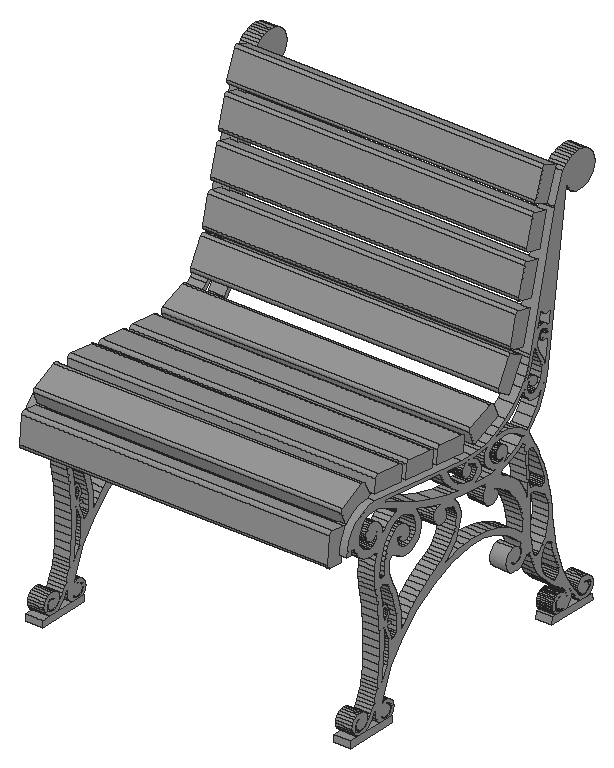
Revit family "Скамейка чугунная «Классика» Арт 7197", category Антураж, Revit 2018
Family settings
  На основе рабочей плоскости = Нет
  Всегда вертикально = Да
  При загрузке вырезать с полостями = Нет
  Источник визуального образа = Геометрия семейства
  Общий = Нет
  Точка расчета площади = Нет
Parameters (values of type "Версия 0,6 м (кресло)")
  Ширина = 620 mm  # constant formula
  Цвет сидения = Дерево
  Цвет опор = Сталь
  Средняя опора = or([Версия 2,0 м (3 опоры)], ([Версия 3,0 м (3 опоры)]))  # no
  Описание = if([Версия 0,6 м (кресло)], "Скамейка стальная «Классика». Версия 0,6 м (кресло)", if([Версия 1,5 м], "Скамейка стальная «Классика». Версия 1,5 м", if([Версия 1,8 м], "Скамейка стальная «Классика». Версия 1,8 м", if([Версия 2,0 м (2 опоры)], "Скамейка стальная «Классика». Версия 2,0 м (2 опоры)", if([Версия 2,0 м (3 опоры)], "Скамейка стальная «Классика». Версия 2,0 м (3 опоры)", "Скамейка стальная «Классика». Версия 3,0 м (3 опоры)")))))  # "Скамейка стальная «Классика». Версия 0,6 м (кресло)"
  Материал изделия = "Сталь, чугун, дерево"  # constant formula
  Изображение типоразмера = Скамейка чугунная «Классика» Арт 7197.jpg
  Изготовитель = "ООО «Хоббика»"  # constant formula
  Длина = if([Версия 0,6 м (кресло)], 600 mm, if([Версия 1,5 м], 1500 mm, if([Версия 1,8 м], 1800 mm, if([Версия 2,0 м (2 опоры)], 2000 mm, if([Версия 2,0 м (3 опоры)], 2000 mm, 3000 mm)))))  # 600 mm
  Группа модели = "Садовые скамейки"  # constant formula
  Высота = 820 mm  # constant formula
  Версия 3,0 м (3 опоры) = not(or([Версия 0,6 м (кресло)], [Версия 1,5 м], [Версия 1,8 м], [Версия 2,0 м (2 опоры)], [Версия 2,0 м (3 опоры)]))  # no
  Версия 2,0 м (3 опоры) = no
  Версия 2,0 м (2 опоры) = no
  Версия 1,8 м = no
  Версия 1,5 м = no
  Версия 0,6 м (кресло) = yes
  Артикул товара = "Арт. 7197"  # constant formula
  URL = "https://hobbyka.ru/product/skameika_chugunnaia_klassika/"
Types (7, lengths in mm): name | Средняя опора | Описание | Длина | Версия 3,0 м (3 опоры) | Версия 2,0 м (3 опоры) | Версия 2,0 м (2 опоры) | Версия 1,8 м | Версия 1,5 м | Версия 0,6 м (кресло)
  (no name) | no | "Скамейка стальная «Классика». Версия 0,6 м (кресло)" | 600 | no | no | no | no | no | yes
  Версия 0,6 м (кресло) | no | "Скамейка стальная «Классика». Версия 0,6 м (кресло)" | 600 | no | no | no | no | no | yes
  Версия 1,5 м | no | "Скамейка стальная «Классика». Версия 1,5 м" | 1500 | no | no | no | no | yes | no
  Версия 1,8 м | no | "Скамейка стальная «Классика». Версия 1,8 м" | 1800 | no | no | no | yes | no | no
  Версия 2,0 м (2 опоры) | no | "Скамейка стальная «Классика». Версия 2,0 м (2 опоры)" | 2000 | no | no | yes | no | no | no
  Версия 2,0 м (3 опоры) | yes | "Скамейка стальная «Классика». Версия 2,0 м (3 опоры)" | 2000 | no | yes | no | no | no | no
  Версия 3,0 м (3 опоры) | yes | "Скамейка стальная «Классика». Версия 3,0 м (3 опоры)" | 3000 | yes | no | no | no | no | no
Reference planes
  plane 1 "По центру (Вперед/Назад)": y = 0
  plane 2: z = 0
  plane 3 "По центру (Влево/Вправо)": x = 0
  plane 4: x = 600
  plane 5: y = 620
  plane 6: z = 820
Forms (mm)
  Extrusion 1, solid, material "Дерево" <- "Цвет сидения"
    sketch origin (0, 0, 0) x (0, 1, 0) y (0, 0, 1)
      loop
        line (523.947, 727.041) -> (545.545, 786.366) -> (521.114, 795.261)
        arc (521.114, 795.261) -> (516.526, 795.061) -> (513.423, 791.675) r 6
        line (513.423, 791.675) -> (495.93, 743.627)
        arc (495.93, 743.627) -> (496.13, 739.039) -> (499.515, 735.936) r 6
        line (499.515, 735.936) -> (523.947, 727.041)
      loop
        line (505.716, 655.322) -> (521.315, 716.499) -> (496.121, 722.923)
        arc (496.121, 722.923) -> (491.576, 722.268) -> (488.825, 718.592) r 6
        line (488.825, 718.592) -> (476.19, 669.043)
        arc (476.19, 669.043) -> (476.845, 664.498) -> (480.522, 661.746) r 6
        line (480.522, 661.746) -> (505.716, 655.322)
      loop
        line (486.077, 578.306) -> (501.677, 639.483) -> (476.483, 645.907)
        arc (476.483, 645.907) -> (471.937, 645.252) -> (469.186, 641.576) r 6
        line (469.186, 641.576) -> (456.552, 592.027)
        arc (456.552, 592.027) -> (457.206, 587.482) -> (460.883, 584.731) r 6
        line (460.883, 584.731) -> (486.077, 578.306)
      loop
        line (466.488, 501.484) -> (482.088, 562.661) -> (456.894, 569.085)
        arc (456.894, 569.085) -> (452.348, 568.43) -> (449.597, 564.754) r 6
        line (449.597, 564.754) -> (436.963, 515.205)
        arc (436.963, 515.205) -> (437.617, 510.66) -> (441.294, 507.908) r 6
        line (441.294, 507.908) -> (466.488, 501.484)
      loop
        line (432.495, 433.679) -> (462.929, 488.993) -> (440.149, 501.527)
        arc (440.149, 501.527) -> (435.585, 502.032) -> (432, 499.162) r 6
        line (432, 499.162) -> (407.35, 454.361)
        arc (407.35, 454.361) -> (406.845, 449.797) -> (409.715, 446.212) r 6
        line (409.715, 446.212) -> (432.495, 433.679)
      loop
        line (345.469, 384.26) -> (403.963, 408.017) -> (394.179, 432.106)
        arc (394.179, 432.106) -> (390.954, 435.376) -> (386.362, 435.407) r 6
        line (386.362, 435.407) -> (338.986, 416.165)
        arc (338.986, 416.165) -> (335.717, 412.941) -> (335.685, 408.349) r 6
        line (335.685, 408.349) -> (345.469, 384.26)
      loop
        line (256.681, 387.185) -> (319.593, 381.892) -> (321.773, 407.8)
        arc (321.773, 407.8) -> (320.377, 412.175) -> (316.297, 414.282) r 6
        line (316.297, 414.282) -> (265.343, 418.569)
        arc (265.343, 418.569) -> (260.968, 417.174) -> (258.861, 413.093) r 6
        line (258.861, 413.093) -> (256.681, 387.185)
      loop
        line (181.063, 395.131) -> (243.851, 388.532) -> (246.569, 414.39)
        arc (246.569, 414.39) -> (245.264, 418.793) -> (241.229, 420.984) r 6
        line (241.229, 420.984) -> (190.375, 426.329)
        arc (190.375, 426.329) -> (185.972, 425.025) -> (183.78, 420.989) r 6
        line (183.78, 420.989) -> (181.063, 395.131)
      loop
        line (105.478, 403.076) -> (168.267, 396.476) -> (170.984, 422.334)
        arc (170.984, 422.334) -> (169.68, 426.737) -> (165.644, 428.928) r 6
        line (165.644, 428.928) -> (114.79, 434.273)
        arc (114.79, 434.273) -> (110.387, 432.969) -> (108.196, 428.933) r 6
        line (108.196, 428.933) -> (105.478, 403.076)
      loop
        line (35.627, 380.779) -> (92.432, 408.33) -> (81.086, 431.723)
        arc (81.086, 431.723) -> (77.654, 434.774) -> (73.069, 434.504) r 6
        line (73.069, 434.504) -> (27.061, 412.189)
        arc (27.061, 412.189) -> (24.011, 408.757) -> (24.281, 404.172) r 6
        line (24.281, 404.172) -> (35.627, 380.779)
      loop
        line (22.678, 319.008) -> (28.757, 381.848) -> (2.878, 384.352)
        arc (2.878, 384.352) -> (-1.514, 383.011) -> (-3.672, 378.958) r 6
        line (-3.672, 378.958) -> (-8.595, 328.061)
        arc (-8.595, 328.061) -> (-7.255, 323.669) -> (-3.201, 321.511) r 6
        line (-3.201, 321.511) -> (22.678, 319.008)
    from 0 to 600
Dimensions and locks
  "Длина": plane 3 "По центру (Влево/Вправо)" to plane 4
  "Ширина": plane 1 "По центру (Вперед/Назад)" to plane 5
  equal spacing: plane 3 "По центру (Влево/Вправо)", nested 3, plane 4
  "Высота": plane 6 to level
  aligned and locked: level to plane 2
  aligned and locked: plane 3 "По центру (Влево/Вправо)" to nested 1
  aligned and locked: plane 1 "По центру (Вперед/Назад)" to nested 1
  aligned and locked: plane 1 "По центру (Вперед/Назад)" to nested 2
  aligned and locked: plane 4 to nested 2
  aligned and locked: plane 1 "По центру (Вперед/Назад)" to nested 3
  aligned and locked: Extrusion 1 to plane 3 "По центру (Влево/Вправо)"
  aligned and locked: plane 4 to Extrusion 1
Automatic sketch dimensions
  plane 1 "По центру (Вперед/Назад)" to Extrusion 1 sketch curve = 8.595 mm
  plane 1 "По центру (Вперед/Назад)" to Extrusion 1 sketch curve = 3.672 mm
  plane 1 "По центру (Вперед/Назад)" to Extrusion 1 sketch curve = 3.201 mm
  plane 1 "По центру (Вперед/Назад)" to Extrusion 1 sketch curve = 2.623 mm
  Extrusion 1 sketch curve to plane 1 "По центру (Вперед/Назад)" = 2.301 mm
  Extrusion 1 sketch curve to plane 1 "По центру (Вперед/Назад)" = 2.878 mm
  Extrusion 1 sketch curve to plane 1 "По центру (Вперед/Назад)" = 22.678 mm
  Extrusion 1 sketch curve to plane 1 "По центру (Вперед/Назад)" = 24.281 mm
  Extrusion 1 sketch curve to Extrusion 1 sketch curve = 2.78 mm
  Extrusion 1 sketch curve to Extrusion 1 sketch curve = 4.477 mm
  Extrusion 1 sketch curve to Extrusion 1 sketch curve = 5.399 mm  (x2)
  Extrusion 1 sketch curve to Extrusion 1 sketch curve = 6.87 mm
  Extrusion 1 sketch curve to Extrusion 1 sketch curve = 46.008 mm
  Extrusion 1 sketch curve to Extrusion 1 sketch curve = 2.618 mm  (x3)
  Extrusion 1 sketch curve to Extrusion 1 sketch curve = 11.346 mm
  Extrusion 1 sketch curve to Extrusion 1 sketch curve = 13.046 mm
  Extrusion 1 sketch curve to Extrusion 1 sketch curve = 15.764 mm
  Extrusion 1 sketch curve to Extrusion 1 sketch curve = 5.967 mm  (x4)
  Extrusion 1 sketch curve to Extrusion 1 sketch curve = 0.627 mm  (x8)
  Extrusion 1 sketch curve to Extrusion 1 sketch curve = 50.854 mm  (x2)
  Extrusion 1 sketch curve to Extrusion 1 sketch curve = 3.249 mm  (x2)
  Extrusion 1 sketch curve to Extrusion 1 sketch curve = 12.796 mm  (x2)
  Extrusion 1 sketch curve to Extrusion 1 sketch curve = 12.83 mm
  Extrusion 1 sketch curve to Extrusion 1 sketch curve = 12.292 mm
  Extrusion 1 sketch curve to Extrusion 1 sketch curve = 5.979 mm  (x2)
  Extrusion 1 sketch curve to Extrusion 1 sketch curve = 0.503 mm  (x4)
  Extrusion 1 sketch curve to Extrusion 1 sketch curve = 50.954 mm
  Extrusion 1 sketch curve to Extrusion 1 sketch curve = 3.799 mm
  Extrusion 1 sketch curve to Extrusion 1 sketch curve = 13.913 mm
  Extrusion 1 sketch curve to Extrusion 1 sketch curve = 3.301 mm
  Extrusion 1 sketch curve to Extrusion 1 sketch curve = 5.559 mm  (x2)
  Extrusion 1 sketch curve to Extrusion 1 sketch curve = 25.876 mm
  Extrusion 1 sketch curve to Extrusion 1 sketch curve = 47.376 mm
  Extrusion 1 sketch curve to Extrusion 1 sketch curve = 2.258 mm  (x3)
  Extrusion 1 sketch curve to Extrusion 1 sketch curve = 9.784 mm
  Extrusion 1 sketch curve to Extrusion 1 sketch curve = 13.172 mm
  Extrusion 1 sketch curve to Extrusion 1 sketch curve = 2.365 mm
  Extrusion 1 sketch curve to Extrusion 1 sketch curve = 2.892 mm  (x2)
  Extrusion 1 sketch curve to Extrusion 1 sketch curve = 24.649 mm
  Extrusion 1 sketch curve to Extrusion 1 sketch curve = 22.78 mm  (x2)
  Extrusion 1 sketch curve to Extrusion 1 sketch curve = 4.963 mm
  Extrusion 1 sketch curve to Extrusion 1 sketch curve = 5.257 mm  (x3)
  Extrusion 1 sketch curve to Extrusion 1 sketch curve = 1.145 mm
  Extrusion 1 sketch curve to Extrusion 1 sketch curve = 1.483 mm  (x6)
  Extrusion 1 sketch curve to Extrusion 1 sketch curve = 12.635 mm  (x3)
  Extrusion 1 sketch curve to Extrusion 1 sketch curve = 5.814 mm  (x9)
  Extrusion 1 sketch curve to Extrusion 1 sketch curve = 6.955 mm
  Extrusion 1 sketch curve to Extrusion 1 sketch curve = 4.331 mm  (x2)
  Extrusion 1 sketch curve to Extrusion 1 sketch curve = 3.559 mm
  Extrusion 1 sketch curve to Extrusion 1 sketch curve = 7.004 mm
  Extrusion 1 sketch curve to Extrusion 1 sketch curve = 25.194 mm  (x3)
  Extrusion 1 sketch curve to Extrusion 1 sketch curve = 3.99 mm
  Extrusion 1 sketch curve to Extrusion 1 sketch curve = 7.105 mm
  Extrusion 1 sketch curve to Extrusion 1 sketch curve = 3.585 mm
  Extrusion 1 sketch curve to Extrusion 1 sketch curve = 2.053 mm  (x2)
  Extrusion 1 sketch curve to Extrusion 1 sketch curve = 4.039 mm
  Extrusion 1 sketch curve to Extrusion 1 sketch curve = 17.493 mm
  Extrusion 1 sketch curve to Extrusion 1 sketch curve = 5.638 mm  (x3)
  Extrusion 1 sketch curve to Extrusion 1 sketch curve = 2.632 mm
  Extrusion 1 sketch curve to Extrusion 1 sketch curve = 24.431 mm
  level to Extrusion 1 sketch curve = 319.008 mm
  Extrusion 1 sketch curve to Extrusion 1 sketch curve = 2.504 mm
  Extrusion 1 sketch curve to Extrusion 1 sketch curve = 5.972 mm  (x2)
  Extrusion 1 sketch curve to Extrusion 1 sketch curve = 1.07 mm
  Extrusion 1 sketch curve to Extrusion 1 sketch curve = 1.113 mm
  Extrusion 1 sketch curve to Extrusion 1 sketch curve = 2.368 mm
  Extrusion 1 sketch curve to Extrusion 1 sketch curve = 5.293 mm
  Extrusion 1 sketch curve to Extrusion 1 sketch curve = 1.347 mm
  Extrusion 1 sketch curve to Extrusion 1 sketch curve = 6.599 mm  (x2)
  Extrusion 1 sketch curve to Extrusion 1 sketch curve = 1.345 mm
  Extrusion 1 sketch curve to Extrusion 1 sketch curve = 22.324 mm
  Extrusion 1 sketch curve to Extrusion 1 sketch curve = 23.758 mm
  Extrusion 1 sketch curve to Extrusion 1 sketch curve = 1.573 mm
  Extrusion 1 sketch curve to Extrusion 1 sketch curve = 14.106 mm
  Extrusion 1 sketch curve to Extrusion 1 sketch curve = 12.491 mm
  Extrusion 1 sketch curve to Extrusion 1 sketch curve = 6.382 mm
  Extrusion 1 sketch curve to Extrusion 1 sketch curve = 15.646 mm  (x2)
  Extrusion 1 sketch curve to Extrusion 1 sketch curve = 15.839 mm  (x2)
  Extrusion 1 sketch curve to Extrusion 1 sketch curve = 10.543 mm
  Extrusion 1 sketch curve to Extrusion 1 sketch curve = 13.013 mm
Nested families
  nested 1: "Скамейка чугунная «Классика» Арт 7197 опора" at (0, 0, 0), type "Скамейка чугунная «Классика» Арт 7197 опора"
  nested 2: "Скамейка чугунная «Классика» Арт 7197 опора" at (600, 0, 0), type "Скамейка чугунная «Классика» Арт 7197 опора"
  nested 3: "Скамейка чугунная «Классика» Арт 7197 опора" at (300, 0, 0), visible <- "Средняя опора", type "Скамейка чугунная «Классика» Арт 7197 опора"
Definition of nested family "Скамейка чугунная «Классика» Арт 7197 опора"
  Parameters (values of type "Скамейка чугунная «Классика» Арт 7197 опора")
    Цвет опор = none
    Height = 0 mm
  Reference planes
    plane 1 "По центру (Вперед/Назад)": y = 0
    plane 2: z = 0
    plane 3 "По центру (Влево/Вправо)": x = 0
  Forms (mm)
    Extrusion 1, solid, material <- "Цвет опор"
      sketch origin (0, 0, 0) x (0, 1, 0) y (0, 0, 1)
        loop
          line (614.835, 0) -> (612.485, 12.565) -> (596.253, 12.565) -> (584.342, 12.565) -> (548.056, 12.566) -> (526.484, 12.565) -> (518.485, 12.565) -> (516.135, 0) -> (614.835, 0)
        loop
          line (126.954, 12.564) -> (26.063, 12.564) -> (26.063, 0) -> (126.954, 0) -> (126.954, 12.564)
      from -16 to 16
    Extrusion 2, solid, material <- "Цвет опор"
      sketch origin (0, 0, 0) x (0, 1, 0) y (0, 0, 1)
        loop
          line (292.533, 280.179) -> (290.717, 272.847) -> (288.301, 265.691) -> (285.304, 258.758) -> (281.745, 252.096) -> (277.649, 245.75) -> (273.044, 239.763) -> (267.961, 234.177) -> (262.434, 229.029) -> (256.501, 224.354) -> (250.204, 220.184) -> (243.583, 216.548) -> (266.657, 224.99) -> (290.376, 231.286) -> (304.024, 233.802) -> (317.797, 235.225) -> (331.64, 235.551) -> (345.465, 234.778) -> (359.185, 232.912) -> (372.715, 229.964) -> (385.967, 225.953) -> (398.861, 220.903) -> (411.313, 214.848) -> (423.246, 207.824) -> (434.584, 199.876) -> (445.652, 190.728) -> (445.74, 201.906) -> (444.716, 213.038) -> (442.591, 224.012) -> (439.385, 234.722) -> (435.13, 245.059) -> (429.868, 254.922) -> (423.652, 264.213) -> (416.542, 272.839) -> (408.61, 280.716) -> (399.935, 287.766) -> (390.601, 293.918) -> (380.702, 299.111) -> (378.469, 299.843) -> (376.128, 300.037) -> (373.805, 299.684) -> (371.627, 298.802) -> (369.712, 297.441) -> (368.165, 295.672) -> (371.218, 297.854) -> (374.897, 298.597) -> (378.557, 297.771) -> (381.56, 295.52) -> (383.38, 292.238) -> (383.699, 288.499) -> (381.785, 282.718) -> (377.825, 278.091) -> (372.408, 275.309) -> (366.341, 274.784) -> (360.527, 276.596) -> (355.831, 280.475) -> (353.165, 284.113) -> (351.257, 288.201) -> (350.182, 292.582) -> (349.98, 297.089) -> (350.659, 301.549) -> (352.193, 305.791) -> (354.523, 309.654) -> (354.647, 311.907) -> (354.061, 314.086) -> (352.824, 315.974) -> (351.059, 317.381) -> (348.944, 318.167) -> (346.689, 318.253) -> (305.314, 320.88) -> (274.801, 325.51) -> (277.739, 323.792) -> (282.987, 319.302) -> (287.354, 313.951) -> (290.701, 307.909) -> (292.922, 301.369) -> (293.945, 294.539) -> (293.739, 287.635) -> (292.533, 280.179)
        loop
          line (221.882, 215.302) -> (230.243, 220.446) -> (238.769, 225.313) -> (245.027, 228.75) -> (250.636, 232.464) -> (255.92, 236.627) -> (260.842, 241.212) -> (265.37, 246.188) -> (269.472, 251.52) -> (273.12, 257.172) -> (276.289, 263.105) -> (278.958, 269.28) -> (281.11, 275.654) -> (282.728, 282.183) -> (283.763, 288.586) -> (284.079, 292.705) -> (283.702, 296.819) -> (282.642, 300.812) -> (280.931, 304.572) -> (278.615, 307.993) -> (275.76, 310.979) -> (272.446, 313.446) -> (268.767, 315.325) -> (264.825, 316.563) -> (260.732, 317.124) -> (256.603, 316.994) -> (252.554, 316.175) -> (254.395, 315.153) -> (256.006, 313.796) -> (257.326, 312.155) -> (258.305, 310.29) -> (258.908, 308.272) -> (259.111, 306.175) -> (258.908, 304.079) -> (258.305, 302.061) -> (257.326, 300.196) -> (256.006, 298.555) -> (254.395, 297.197) -> (252.554, 296.175) -> (248.347, 294.962) -> (243.969, 294.863) -> (239.712, 295.884) -> (235.856, 297.96) -> (232.659, 300.951) -> (230.331, 304.659) -> (229.027, 308.839) -> (228.834, 313.213) -> (229.764, 317.492) -> (231.756, 321.391) -> (234.677, 324.652) -> (238.334, 327.059) -> (244.789, 329.516) -> (250.184, 330.526) -> (224.034, 336.864) -> (184.745, 350.101) -> (181.54, 351.502) -> (183.898, 349.522) -> (190.127, 341.536) -> (194.553, 332.428) -> (196.984, 322.596) -> (197.312, 312.474) -> (195.548, 303.659) -> (191.661, 295.554) -> (185.892, 288.66) -> (178.598, 283.406) -> (170.231, 280.117) -> (161.312, 278.998) -> (152.392, 280.117) -> (144.026, 283.406) -> (136.732, 288.66) -> (134.036, 290.542) -> (130.925, 291.606) -> (127.641, 291.769) -> (124.44, 291.02) -> (121.57, 289.416) -> (119.254, 287.082) -> (118.497, 280.059) -> (118.548, 272.995) -> (119.406, 265.984) -> (121.06, 259.116) -> (123.487, 252.483) -> (126.848, 245.791) -> (131.142, 237.839) -> (135.173, 229.28) -> (138.726, 220.511) -> (141.791, 211.56) -> (144.358, 202.453) -> (146.42, 193.219) -> (147.971, 183.886) -> (149.005, 174.482) -> (149.52, 165.034) -> (149.514, 155.573) -> (149.201, 149.959) -> (155.454, 157.527) -> (161.954, 164.885) -> (168.691, 172.025) -> (175.66, 178.94) -> (182.851, 185.622) -> (190.259, 192.065) -> (197.874, 198.261) -> (205.688, 204.203) -> (213.694, 209.885) -> (221.882, 215.302)
        loop
          line (552.227, 32.196) -> (552.176, 29.317) -> (551.575, 26.404) -> (550.444, 23.652) -> (548.824, 21.157) -> (546.769, 19.005) -> (544.352, 17.27) -> (541.656, 16.013) -> (538.773, 15.277) -> (535.804, 15.087) -> (532.851, 15.45) -> (530.017, 16.353) -> (527.521, 18.277) -> (525.524, 20.741) -> (524.151, 23.599) -> (523.474, 26.698) -> (523.532, 29.868) -> (524.319, 32.94) -> (525.795, 35.747) -> (527.88, 38.137) -> (530.46, 39.982) -> (533.396, 41.18) -> (536.529, 41.669) -> (539.425, 41.441) -> (539.755, 39.437) -> (537.402, 39.622) -> (535.07, 39.259) -> (532.885, 38.367) -> (530.965, 36.994) -> (529.414, 35.216) -> (528.316, 33.127) -> (527.729, 30.841) -> (527.687, 28.481) -> (528.19, 26.175) -> (529.212, 24.048) -> (530.698, 22.214) -> (532.567, 20.773) -> (534.768, 19.731) -> (537.129, 19.136) -> (539.561, 19.011) -> (541.971, 19.361) -> (544.267, 20.172) -> (546.362, 21.414) -> (548.175, 23.04) -> (549.638, 24.987) -> (550.694, 27.181) -> (551.304, 29.539) -> (551.444, 31.97) -> (551.11, 34.382) -> (550.204, 37.072) -> (548.838, 39.56) -> (547.053, 41.767) -> (544.905, 43.624) -> (542.464, 45.072) -> (539.804, 46.065) -> (537.011, 46.572) -> (534.173, 46.577) -> (531.378, 46.081) -> (528.715, 45.098) -> (526.268, 43.66) -> (524.113, 41.811) -> (522.327, 39.698) -> (520.859, 37.352) -> (519.738, 34.822) -> (518.987, 32.159) -> (518.621, 29.416) -> (518.648, 26.649) -> (519.067, 23.913) -> (519.87, 21.265) -> (521.04, 18.757) -> (522.554, 16.441) -> (524.381, 14.363) -> (526.484, 12.565) -> (548.964, 12.565) -> (555.812, 17.013) -> (560.279, 23.232) -> (562.182, 30.649) -> (561.295, 38.134) -> (558.25, 45.832) -> (561.271, 40.449) -> (565.2, 34.339) -> (569.487, 28.474) -> (574.118, 22.878) -> (579.075, 17.568) -> (584.342, 12.565) -> (596.253, 12.565) -> (601.242, 13.07) -> (605.933, 14.851) -> (610.004, 17.785) -> (613.176, 21.673) -> (615.235, 26.249) -> (616.038, 31.203) -> (615.532, 36.195) -> (613.752, 40.886) -> (610.817, 44.957) -> (606.93, 48.129) -> (602.353, 50.187) -> (597.4, 50.991) -> (592.408, 50.485) -> (587.716, 48.704) -> (583.646, 45.77) -> (581.56, 42.938) -> (580.214, 39.688) -> (579.687, 36.211) -> (580.008, 32.709) -> (581.159, 29.385) -> (583.074, 26.435) -> (585.64, 24.029) -> (588.708, 22.309) -> (592.099, 21.375) -> (595.614, 21.28) -> (599.05, 22.031) -> (602.206, 23.584) -> (604.933, 26.774) -> (605.841, 30.872) -> (604.715, 34.915) -> (601.82, 37.955) -> (597.836, 39.276) -> (593.699, 38.569) -> (595.049, 41.072) -> (599.762, 41.908) -> (604.398, 40.715) -> (608.123, 37.709) -> (610.267, 33.429) -> (610.446, 28.646) -> (608.626, 24.219) -> (604.727, 20.555) -> (599.916, 18.216) -> (594.626, 17.412) -> (589.337, 18.216) -> (584.526, 20.555) -> (580.626, 24.219) -> (571.525, 36.427) -> (563.047, 49.076) -> (555.214, 62.134) -> (548.046, 75.569) -> (541.561, 89.346) -> (535.775, 103.431) -> (530.703, 117.789) -> (526.357, 132.383) -> (522.748, 147.177) -> (519.886, 162.133) -> (517.777, 177.213) -> (516.427, 192.381) -> (515.143, 207.332) -> (513.201, 222.212) -> (510.604, 236.992) -> (507.359, 251.643) -> (503.472, 266.137) -> (498.949, 280.446) -> (493.8, 294.541) -> (488.035, 308.396) -> (481.665, 321.983) -> (474.702, 335.276) -> (467.16, 348.249) -> (459.054, 360.878) -> (461.272, 362.857) -> (473.234, 376.406) -> (483.502, 391.28) -> (491.93, 407.268) -> (498.399, 424.145) -> (502.818, 441.67) -> (550.31, 752.17) -> (551.379, 756.024) -> (554.869, 747.599) -> (560.42, 740.364) -> (567.655, 734.812) -> (576.081, 731.322) -> (585.123, 730.132) -> (594.164, 731.322) -> (602.59, 734.812) -> (609.825, 740.364) -> (615.376, 747.599) -> (618.866, 756.024) -> (620.057, 765.066) -> (618.866, 774.107) -> (615.376, 782.533) -> (609.825, 789.768) -> (602.59, 795.32) -> (594.164, 798.81) -> (585.123, 800) -> (579.231, 799.682) -> (573.407, 798.732) -> (567.72, 797.16) -> (562.235, 794.986) -> (557.015, 792.233) -> (552.123, 788.935) -> (547.613, 785.13) -> (543.634, 780.96) -> (524.003, 727.041) -> (523.297, 724.269) -> (464.787, 494.816) -> (463.163, 489.726) -> (459.371, 477.849) -> (451.983, 461.642) -> (442.727, 446.425) -> (426.2, 425.355) -> (405.18, 408.763) -> (389.992, 399.461) -> (373.808, 392.023) -> (356.858, 386.554) -> (345.775, 384.384) -> (339.379, 383.131) -> (321.618, 381.803) -> (297.961, 382.845) -> (85.899, 405.133)
          arc (85.899, 405.133) -> (37.212, 384.967) -> (17.045, 336.279) r 68.854
          line (17.045, 336.279) -> (25.508, 336.279) -> (26.426, 345.312) -> (35.32, 344.408) -> (37.473, 338.074) -> (40.612, 332.166) -> (44.658, 326.838) -> (49.504, 322.226) -> (55.027, 318.45) -> (61.083, 315.607) -> (67.516, 313.771) -> (74.194, 313.205) -> (80.828, 314.153) -> (82.955, 314.719) -> (85.153, 314.586) -> (87.197, 313.769) -> (88.88, 312.351) -> (90.032, 310.475) -> (90.536, 308.333) -> (88.048, 299.814) -> (86.203, 291.133) -> (85.009, 282.34) -> (84.473, 273.481) -> (84.599, 264.608) -> (85.386, 255.768) -> (86.829, 247.012) -> (89.292, 234.022) -> (91.411, 220.971) -> (93.185, 207.869) -> (94.611, 194.724) -> (95.689, 181.546) -> (96.418, 168.345) -> (96.798, 155.129) -> (96.829, 141.907) -> (96.51, 128.689) -> (95.841, 115.484) -> (94.824, 102.302) -> (93.458, 89.151) -> (92.554, 83.257) -> (91.379, 77.411) -> (89.937, 71.625) -> (88.23, 65.911) -> (86.262, 60.283) -> (84.038, 54.75) -> (81.561, 49.326) -> (78.838, 44.021) -> (75.874, 38.847) -> (72.674, 33.815) -> (69.247, 28.935) -> (65.599, 24.219) -> (61.7, 20.555) -> (56.888, 18.216) -> (51.599, 17.412) -> (46.31, 18.216) -> (41.498, 20.555) -> (37.599, 24.219) -> (35.78, 28.646) -> (35.958, 33.429) -> (38.103, 37.709) -> (41.827, 40.715) -> (46.463, 41.908) -> (51.176, 41.072) -> (52.526, 38.569) -> (48.389, 39.276) -> (44.406, 37.955) -> (41.511, 34.915) -> (40.385, 30.872) -> (41.292, 26.774) -> (44.019, 23.584) -> (47.175, 22.031) -> (50.611, 21.28) -> (54.127, 21.375) -> (57.518, 22.309) -> (60.586, 24.029) -> (63.152, 26.435) -> (65.066, 29.385) -> (66.218, 32.709) -> (66.539, 36.211) -> (66.011, 39.688) -> (64.665, 42.938) -> (62.58, 45.77) -> (58.509, 48.704) -> (53.818, 50.485) -> (48.825, 50.991) -> (43.872, 50.187) -> (39.296, 48.129) -> (35.408, 44.957) -> (32.474, 40.886) -> (30.693, 36.195) -> (30.187, 31.203) -> (30.991, 26.249) -> (33.049, 21.673) -> (36.221, 17.785) -> (40.292, 14.851) -> (44.983, 13.07) -> (49.976, 12.564) -> (61.884, 12.564) -> (67.15, 17.568) -> (72.107, 22.878) -> (76.738, 28.474) -> (81.026, 34.339) -> (84.954, 40.449) -> (88.51, 46.783) -> (91.68, 53.319) -> (94.454, 60.033) -> (87.557, 38.251) -> (86.635, 30.649) -> (88.538, 23.232) -> (93.005, 17.013) -> (99.427, 12.842) -> (100.766, 12.564) -> (122.332, 12.564) -> (124.436, 14.363) -> (126.263, 16.441) -> (127.777, 18.757) -> (128.947, 21.265) -> (129.75, 23.913) -> (130.169, 26.649) -> (130.196, 29.416) -> (129.83, 32.159) -> (129.08, 34.822) -> (127.959, 37.352) -> (126.49, 39.698) -> (124.704, 41.811) -> (122.55, 43.66) -> (120.102, 45.098) -> (117.439, 46.081) -> (114.644, 46.577) -> (111.806, 46.572) -> (109.013, 46.065) -> (106.354, 45.072) -> (103.912, 43.624) -> (101.765, 41.767) -> (99.98, 39.56) -> (98.613, 37.072) -> (97.708, 34.382) -> (97.373, 31.97) -> (97.513, 29.539) -> (98.123, 27.181) -> (99.18, 24.987) -> (100.642, 23.04) -> (102.456, 21.414) -> (104.55, 20.172) -> (106.846, 19.361) -> (109.256, 19.011) -> (111.688, 19.136) -> (114.049, 19.731) -> (116.25, 20.773) -> (118.119, 22.214) -> (119.605, 24.048) -> (120.627, 26.175) -> (121.131, 28.481) -> (121.088, 30.841) -> (120.502, 33.127) -> (119.403, 35.216) -> (117.852, 36.994) -> (115.932, 38.367) -> (113.747, 39.259) -> (111.415, 39.622) -> (109.062, 39.437) -> (109.392, 41.441) -> (112.288, 41.669) -> (115.422, 41.18) -> (118.358, 39.982) -> (120.938, 38.137) -> (123.022, 35.747) -> (124.498, 32.94) -> (125.286, 29.868) -> (125.343, 26.698) -> (124.666, 23.599) -> (123.293, 20.741) -> (121.296, 18.277) -> (118.801, 16.353) -> (115.966, 15.45) -> (113.013, 15.087) -> (110.044, 15.277) -> (107.162, 16.013) -> (104.465, 17.27) -> (102.048, 19.005) -> (99.994, 21.157) -> (98.373, 23.652) -> (97.243, 26.404) -> (96.641, 29.317) -> (96.589, 32.292)
          arc (96.589, 32.292) -> (108.396, 67.399) -> (125.166, 100.425) r 254.916
          arc (125.166, 100.425) -> (207.203, 185.247) -> (318.06, 225.693) r 263.162
          arc (318.06, 225.693) -> (380.245, 216.953) -> (433.5, 183.676) r 151.017
          arc (433.5, 183.676) -> (441.623, 169.607) -> (441.056, 153.371) r 29.47
          arc (441.056, 153.371) -> (436.518, 147.125) -> (429.176, 144.739) r 12.491
          arc (429.176, 144.739) -> (419.576, 148.716) -> (415.599, 158.316) r 13.577
          line (415.599, 158.316) -> (419.056, 161.217)
          arc (419.056, 161.217) -> (417.818, 156.957) -> (419.056, 152.696) r 7.949
          arc (419.056, 152.696) -> (424.165, 148.514) -> (430.758, 148.885) r 9.102
          arc (430.758, 148.885) -> (435.574, 152.98) -> (438.361, 158.654) r 15.547
          arc (438.361, 158.654) -> (435.246, 171.169) -> (423.066, 175.41) r 13.553
          arc (423.066, 175.41) -> (405.22, 152.374) -> (426.968, 132.98) r 21.356
          arc (426.968, 132.98) -> (442.206, 137.504) -> (453.044, 149.131) r 30.235
          arc (453.044, 149.131) -> (458.798, 150.789) -> (463.1, 146.624) r 5.974
          line (463.1, 146.624) -> (464.563, 141.47) -> (469.568, 128.54) -> (475.747, 116.128) -> (483.048, 104.342) -> (491.408, 93.28) -> (500.755, 83.04) -> (511.01, 73.708) -> (522.083, 65.365) -> (533.881, 58.082) -> (536.01, 56.806) -> (538.049, 55.39) -> (539.989, 53.841) -> (541.82, 52.166) -> (543.536, 50.372) -> (545.129, 48.468) -> (546.59, 46.461) -> (547.914, 44.362) -> (549.095, 42.178) -> (550.127, 39.921) -> (551.007, 37.6) -> (551.729, 35.225) -> (552.227, 32.196)
        loop
          line (137.223, 370.564) -> (110.852, 382.648) -> (103.56, 386.275) -> (95.777, 388.673) -> (87.708, 389.778) -> (79.567, 389.562) -> (71.568, 388.029) -> (63.923, 385.221) -> (58.505, 382.024) -> (53.848, 377.795) -> (50.146, 372.708) -> (47.553, 366.976) -> (46.177, 360.838) -> (46.074, 354.548) -> (47.25, 348.368) -> (49.655, 342.555) -> (53.189, 337.35) -> (57.705, 332.971) -> (63.016, 329.599) -> (68.901, 327.375) -> (72.294, 326.84) -> (75.725, 326.992) -> (79.057, 327.826) -> (82.156, 329.307) -> (84.897, 331.376) -> (87.17, 333.951) -> (88.885, 336.927) -> (89.971, 340.185) -> (90.386, 343.595) -> (90.113, 347.018) -> (89.162, 350.319) -> (87.572, 353.363) -> (87.582, 347.892) -> (85.088, 343.023) -> (80.643, 339.834) -> (75.231, 339.032) -> (70.052, 340.795) -> (66.253, 344.733) -> (64.708, 348.226) -> (63.988, 351.977) -> (64.132, 355.795) -> (65.13, 359.482) -> (66.932, 362.85) -> (69.446, 365.726) -> (72.543, 367.963) -> (76.063, 369.445) -> (79.827, 370.097) -> (83.641, 369.886) -> (87.31, 368.822) -> (90.645, 366.959) -> (95.612, 362.461) -> (99.443, 356.962) -> (101.942, 350.744) -> (102.982, 344.123) -> (103.301, 342.882) -> (104.096, 341.878) -> (105.23, 341.282) -> (106.509, 341.198) -> (107.711, 341.64) -> (108.631, 342.532) -> (111.992, 346.891) -> (119.251, 353.952) -> (127.823, 359.345) -> (137.331, 362.833) -> (138.608, 363.795) -> (139.443, 365.158) -> (139.72, 366.733) -> (139.399, 368.299) -> (138.527, 369.638) -> (137.223, 370.564)
        loop
          line (261.644, 355.22) -> (251.057, 368.277) -> (243.131, 383.101) -> (99.431, 398.011) -> (107.284, 395.592) -> (115.163, 391.673) -> (150.643, 375.414) -> (156.969, 373.158) -> (188.352, 359.438) -> (226.813, 346.48) -> (266.257, 336.921) -> (276.302, 335.396) -> (303.726, 331.421) -> (289.192, 336.212) -> (274.511, 344.401) -> (261.644, 355.22)
        loop
          line (442.172, 375.744) -> (454.76, 365.987) -> (459.17, 369.922) -> (470.343, 382.577) -> (479.934, 396.47) -> (487.806, 411.404) -> (493.849, 427.167) -> (495.776, 434.812) -> (492.035, 426.817) -> (484.925, 417.8) -> (481.247, 415.567) -> (476.897, 414.288) -> (472.146, 414.043) -> (467.286, 414.847) -> (462.618, 416.651) -> (458.432, 419.342) -> (454.498, 423.27) -> (451.488, 427.715) -> (449.541, 432.472) -> (448.747, 437.322) -> (449.142, 442.042) -> (450.707, 446.415) -> (452.494, 449.728) -> (455.284, 452.448) -> (458.893, 454.398) -> (463.086, 455.45) -> (467.588, 455.535) -> (469.805, 455.094) -> (472.106, 454.647) -> (474.262, 453.766) -> (476.189, 452.527) -> (477.792, 450.991) -> (478.992, 449.235) -> (479.731, 447.343) -> (479.972, 445.411) -> (479.704, 443.531) -> (478.938, 441.797) -> (477.714, 440.294) -> (476.091, 439.096) -> (474.149, 438.261) -> (471.984, 437.831) -> (470.074, 437.827) -> (468.16, 438.177) -> (466.334, 438.864) -> (464.685, 439.855) -> (463.293, 441.102) -> (462.226, 442.544) -> (461.535, 444.112) -> (461.254, 445.729) -> (461.397, 447.316) -> (461.957, 448.797) -> (462.906, 450.099) -> (464.199, 451.16) -> (465.865, 452.012) -> (467.868, 452.232) -> (469.913, 451.787) -> (471.698, 450.743) -> (472.96, 449.253) -> (473.513, 447.537) -> (473.469, 448.673) -> (473.056, 449.793) -> (472.305, 450.811) -> (471.273, 451.649) -> (470.039, 452.244) -> (468.698, 452.549) -> (466.227, 452.868) -> (463.803, 452.698) -> (461.563, 452.048) -> (459.628, 450.954) -> (458.108, 449.477) -> (457.086, 447.699) -> (455.996, 444.459) -> (455.766, 440.913) -> (456.424, 437.282) -> (457.941, 433.731) -> (460.247, 430.426) -> (463.193, 427.559) -> (466.151, 426.052) -> (469.298, 425.185) -> (472.504, 424.98) -> (475.572, 425.448) -> (478.312, 426.562) -> (480.641, 428.316) -> (486.147, 435.465) -> (489.842, 443.643) -> (491.543, 452.489) -> (491.188, 461.684) -> (488.791, 470.895) -> (484.672, 479.309) -> (479.263, 488.971) -> (475.924, 496.714) -> (474.29, 504.658) -> (474.363, 509.092) -> (470.318, 493.229) -> (464.746, 475.774) -> (457.074, 458.946) -> (447.464, 443.145) -> (436.049, 428.593) -> (422.992, 415.496) -> (408.475, 404.037) -> (392.704, 394.378) -> (375.9, 386.654) -> (358.299, 380.976) -> (340.149, 377.421) -> (320.646, 375.962) -> (326.918, 373.76) -> (332.068, 370.584) -> (336.422, 366.383) -> (339.78, 361.35) -> (341.986, 355.716) -> (342.941, 349.741) -> (342.042, 344.38) -> (339.848, 339.406) -> (336.494, 335.128) -> (332.189, 331.81) -> (327.212, 329.663) -> (351.936, 328.257) -> (369.025, 328.497) -> (385.758, 330.736) -> (402.105, 334.948) -> (417.837, 341.072) -> (432.73, 349.021) -> (446.573, 358.684) -> (448.223, 360.155) -> (438.339, 368.562) -> (426.397, 375.311) -> (413.395, 379.678) -> (399.801, 381.507) -> (386.106, 380.731) -> (372.926, 377.408) -> (369.507, 375.487) -> (366.775, 372.882) -> (364.77, 369.683) -> (363.616, 366.089) -> (363.385, 362.321) -> (364.106, 358.528) -> (366.365, 353.224) -> (369.751, 348.456) -> (374.076, 344.52) -> (379.141, 341.597) -> (384.713, 339.822) -> (390.435, 339.285) -> (393.451, 339.841) -> (396.253, 341.086) -> (398.687, 342.952) -> (400.616, 345.336) -> (401.935, 348.104) -> (402.569, 351.104) -> (402.724, 352.78) -> (402.413, 354.434) -> (401.662, 355.939) -> (400.528, 357.182) -> (399.096, 358.066) -> (397.477, 358.525) -> (399.706, 357.263) -> (401.294, 355.255) -> (402.009, 352.796) -> (401.745, 350.249) -> (400.541, 347.989) -> (398.574, 346.349) -> (396.472, 345.22) -> (394.174, 344.579) -> (391.792, 344.457) -> (389.44, 344.859) -> (387.234, 345.767) -> (385.28, 347.136) -> (383.674, 348.9) -> (382.493, 350.972) -> (381.794, 353.253) -> (381.612, 355.632) -> (381.956, 357.993) -> (382.808, 360.221) -> (384.387, 362.596) -> (386.45, 364.564) -> (388.897, 366.029) -> (391.606, 366.919) -> (394.444, 367.191) -> (397.273, 366.83) -> (399.952, 365.855) -> (402.351, 364.314) -> (404.352, 362.282) -> (405.855, 359.859) -> (406.788, 357.164) -> (407.104, 354.33) -> (406.729, 351.483) -> (406.383, 348.737) -> (404.266, 343.51) -> (400.892, 338.991) -> (396.482, 335.476) -> (391.325, 333.195) -> (385.758, 332.297) -> (378.64, 332.838) -> (371.801, 334.885) -> (365.556, 338.343) -> (360.193, 343.054) -> (355.958, 348.8) -> (353.046, 355.318) -> (352.021, 360.705) -> (352.356, 366.179) -> (354.033, 371.401) -> (356.946, 376.048) -> (360.916, 379.832) -> (365.696, 382.52) -> (380.947, 387.11) -> (396.79, 388.731) -> (412.655, 387.325) -> (427.966, 382.944) -> (442.172, 375.744)
        loop
          line (319.113, 337.633) -> (322.943, 338.415) -> (326.462, 340.118) -> (329.452, 342.636) -> (331.728, 345.815) -> (333.181, 349.539) -> (332.495, 354.377) -> (330.769, 359.023) -> (328.092, 363.195) -> (324.586, 366.699) -> (320.414, 369.375) -> (315.846, 371.07) -> (313.255, 371.276) -> (310.688, 370.872) -> (308.286, 369.878) -> (306.184, 368.35) -> (304.497, 366.372) -> (303.319, 364.055) -> (302.825, 362.717) -> (302.716, 361.295) -> (303.001, 359.898) -> (303.657, 358.631) -> (304.635, 357.593) -> (305.86, 356.862) -> (304.312, 358.384) -> (303.452, 360.377) -> (303.406, 362.547) -> (304.181, 364.575) -> (305.663, 366.161) -> (307.633, 367.072) -> (309.601, 367.535) -> (311.623, 367.556) -> (313.601, 367.133) -> (315.438, 366.288) -> (317.045, 365.061) -> (318.344, 363.511) -> (319.273, 361.715) -> (319.785, 359.759) -> (319.857, 357.738) -> (319.484, 355.75) -> (318.684, 353.893) -> (317.498, 352.255) -> (315.684, 350.658) -> (313.563, 349.499) -> (311.239, 348.836) -> (308.826, 348.702) -> (306.442, 349.102) -> (304.205, 350.018) -> (302.225, 351.404) -> (300.599, 353.192) -> (299.407, 355.295) -> (298.708, 357.608) -> (298.536, 360.019) -> (298.898, 362.409) -> (299.83, 364.657) -> (300.716, 366.83) -> (303.596, 370.645) -> (307.349, 373.604) -> (311.731, 375.515) -> (316.454, 376.251) -> (303.401, 376.848) -> (259.599, 381.393) -> (264.487, 370.603) -> (271.72, 360.38) -> (280.756, 351.711) -> (291.269, 344.908) -> (302.879, 340.216) -> (315.057, 337.828) -> (319.113, 337.633)
        loop
          line (455.647, 286.624) -> (454.533, 299.516) -> (453.19, 312.386) -> (451.617, 325.231) -> (449.815, 338.045) -> (447.786, 350.825) -> (432.965, 340.48) -> (417.02, 331.969) -> (400.178, 325.413) -> (394.169, 323.865) -> (393.08, 322.066) -> (392.609, 320.016) -> (392.804, 317.922) -> (393.645, 315.994) -> (395.048, 314.427) -> (396.871, 313.378) -> (407.543, 308.552) -> (417.536, 302.442) -> (426.695, 295.142) -> (434.881, 286.765) -> (441.966, 277.438) -> (447.843, 267.307) -> (452.421, 256.526) -> (455.629, 245.261) -> (457.418, 233.686) -> (457.76, 221.979) -> (457.799, 234.919) -> (457.607, 247.857) -> (457.184, 260.791) -> (456.53, 273.714) -> (455.647, 286.624)
        loop
          line (474.59, 252.007) -> (461.7, 254.543) -> (461.942, 249.271) -> (462.413, 235.936) -> (462.744, 222.597) -> (462.937, 209.255) -> (462.99, 195.911) -> (462.973, 182.697) -> (464.154, 169.813) -> (466.522, 157.093) -> (470.055, 144.647) -> (471.591, 141.383) -> (474.186, 138.877) -> (477.503, 137.459) -> (481.108, 137.313) -> (484.529, 138.458) -> (487.319, 140.745) -> (493.203, 151.694) -> (500.836, 160.611) -> (504.58, 170.5) -> (507.357, 180.703) -> (509.141, 191.126) -> (509.916, 201.672) -> (508.576, 214.74) -> (503.984, 227.048) -> (496.438, 237.801) -> (486.424, 246.304) -> (474.59, 252.007)
        loop
          line (475.748, 259.944) -> (489.971, 253.298) -> (492.986, 253.615) -> (495.75, 254.859) -> (497.986, 256.906) -> (499.469, 259.549) -> (500.051, 262.524) -> (499.673, 265.531) -> (495.206, 279.402) -> (489.984, 293.006) -> (484.022, 306.303) -> (477.338, 319.252) -> (469.952, 331.814) -> (466.944, 332.914) -> (463.742, 332.86) -> (460.772, 331.661) -> (458.43, 329.476) -> (457.029, 326.596) -> (456.755, 323.405) -> (457.5, 315.833) -> (458.666, 302.541) -> (459.693, 289.237) -> (460.582, 275.923) -> (461.331, 262.601) -> (475.748, 259.944)
        loop
          line (527.402, 103.335) -> (523, 115.783) -> (519.237, 128.438) -> (516.122, 141.268) -> (515.068, 144.197) -> (513.283, 146.748) -> (510.89, 148.74) -> (508.059, 150.035) -> (504.988, 150.542) -> (501.89, 150.226) -> (496.236, 143.095) -> (492.232, 134.923) -> (490.062, 126.085) -> (489.825, 116.988) -> (491.532, 108.049) -> (495.106, 99.679) -> (503.828, 90.124) -> (513.397, 81.416) -> (520.871, 75.785) -> (524.741, 75.94) -> (528.317, 77.428) -> (531.156, 80.062) -> (532.905, 83.518) -> (533.349, 87.365) -> (532.431, 91.128) -> (527.402, 103.335)
        loop
          line (104.324, 114.908) -> (103.041, 101.544) -> (101.4, 88.181) -> (100.3, 81) -> (98.771, 73.899) -> (96.82, 66.901) -> (94.925, 61.402) -> (104.393, 83.877) -> (115.955, 105.556) -> (117.584, 110.979) -> (118.831, 116.502) -> (119.691, 122.099) -> (120.16, 127.742) -> (120.234, 133.404) -> (119.914, 139.057) -> (119.201, 144.675) -> (118.099, 150.229) -> (116.612, 155.693) -> (114.749, 161.04) -> (112.519, 166.244) -> (109.931, 171.281) -> (105.448, 181.334) -> (105.914, 168.561) -> (106.049, 155.137) -> (105.829, 141.714) -> (105.254, 128.301) -> (104.324, 114.908)
        loop
          line (113.892, 304.483) -> (117.471, 311.873) -> (121.872, 318.805) -> (127.036, 325.188) -> (132.896, 330.939) -> (137.146, 333.867) -> (141.954, 335.743) -> (147.065, 336.468) -> (152.205, 336.002) -> (157.102, 334.371) -> (161.495, 331.662) -> (165.15, 328.018) -> (167.873, 323.634) -> (168.944, 320.601) -> (169.225, 317.396) -> (168.698, 314.223) -> (167.397, 311.282) -> (165.404, 308.757) -> (162.844, 306.81) -> (159.879, 305.562) -> (156.697, 305.092) -> (153.498, 305.431) -> (150.485, 306.556) -> (147.847, 308.397) -> (145.752, 310.838) -> (146.811, 311.889) -> (147.463, 313.231) -> (147.632, 314.713) -> (147.301, 316.168) -> (146.507, 317.431) -> (145.339, 318.36) -> (143.929, 318.848) -> (142.437, 318.842) -> (141.031, 318.343) -> (139.87, 317.405) -> (139.086, 316.136) -> (138.766, 314.678) -> (139.922, 309.145) -> (142.457, 304.083) -> (146.218, 299.779) -> (150.973, 296.498) -> (156.427, 294.445) -> (162.241, 293.746) -> (168.055, 294.446) -> (173.509, 296.499) -> (178.264, 299.78) -> (182.024, 304.085) -> (184.558, 309.147) -> (185.721, 314.714) -> (185.308, 322.15) -> (183.319, 329.406) -> (179.845, 336.093) -> (175.038, 341.917) -> (169.111, 346.622) -> (162.323, 350.001) -> (154.973, 351.906) -> (147.383, 352.254) -> (139.887, 351.028) -> (132.815, 348.283) -> (126.477, 344.139) -> (120.979, 338.605) -> (116.188, 332.491) -> (111.72, 325.817) -> (107.761, 318.83) -> (104.333, 311.567) -> (101.457, 304.068) -> (99.147, 296.376) -> (97.416, 288.534) -> (96.274, 280.584) -> (95.728, 272.571) -> (95.755, 268.556) -> (97.088, 266.124) -> (99.091, 264.206) -> (101.579, 262.978) -> (104.32, 262.555) -> (107.061, 262.975) -> (109.55, 264.2) -> (108.552, 272.35) -> (108.494, 280.561) -> (109.374, 288.724) -> (111.181, 296.733) -> (113.892, 304.483)
        loop
          line (102.837, 213.431) -> (106.082, 214.001) -> (108.842, 213.714) -> (111.418, 212.683) -> (113.614, 210.987) -> (115.227, 208.819) -> (117.022, 205.472) -> (118.206, 201.584) -> (118.606, 197.539) -> (118.206, 193.494) -> (117.022, 189.606) -> (115.315, 186.423) -> (114.372, 183.882) -> (114.633, 181.65) -> (115.879, 179.781) -> (117.838, 178.681) -> (120.083, 178.591) -> (122.714, 179.803) -> (123.846, 177.344) -> (120.624, 175.861) -> (117.08, 176.003) -> (113.987, 177.739) -> (112.02, 180.691) -> (111.609, 184.214) -> (112.843, 187.539) -> (114.512, 190.649) -> (115.539, 194.026) -> (115.887, 197.539) -> (115.539, 201.052) -> (114.512, 204.429) -> (112.843, 207.539) -> (111.874, 208.657) -> (109.461, 210.011) -> (107.811, 210.208) -> (106.344, 210.02) -> (104.967, 209.48) -> (103.415, 208.373) -> (104.452, 196.802) -> (104.997, 195.546) -> (106.372, 192.418) -> (107.762, 189.296) -> (109.167, 186.181) -> (110.587, 183.073) -> (112.022, 179.972) -> (113.471, 176.877) -> (114.935, 173.79) -> (116.414, 170.709) -> (117.908, 167.636) -> (119.417, 164.57) -> (121.049, 161.017) -> (122.476, 157.377) -> (123.691, 153.661) -> (124.691, 149.882) -> (125.473, 146.051) -> (128.617, 145.205) -> (131.865, 145.417) -> (134.873, 146.664) -> (137.318, 148.812) -> (138.942, 151.634) -> (139.571, 154.828) -> (139.596, 163.84) -> (139.126, 172.84) -> (138.16, 181.801) -> (136.703, 190.695) -> (134.758, 199.495) -> (132.332, 208.175) -> (129.431, 216.708) -> (126.065, 225.068) -> (122.244, 233.231) -> (117.979, 241.17) -> (114.294, 248.507) -> (111.778, 250.129) -> (108.957, 251.13) -> (105.982, 251.458) -> (103.011, 251.094) -> (100.203, 250.059) -> (97.707, 248.408) -> (99.927, 235.372) -> (101.831, 222.083) -> (102.837, 213.431)
        loop
          line (508.583, 512.812) -> (507.463, 510.736) -> (505.534, 508.855) -> (503.038, 507.506) -> (500.139, 506.779) -> (497.025, 506.72) -> (495.492, 507.025) -> (493.901, 507.334) -> (492.41, 507.944) -> (491.078, 508.801) -> (489.969, 509.862) -> (489.139, 511.077) -> (488.628, 512.385) -> (488.461, 513.722) -> (488.647, 515.021) -> (489.176, 516.22) -> (490.023, 517.26) -> (491.145, 518.088) -> (492.488, 518.666) -> (493.986, 518.963) -> (495.306, 518.966) -> (496.63, 518.724) -> (497.893, 518.249) -> (499.033, 517.563) -> (499.996, 516.701) -> (500.734, 515.704) -> (501.211, 514.619) -> (501.405, 513.502) -> (501.307, 512.404) -> (500.919, 511.38) -> (500.263, 510.479) -> (499.369, 509.746) -> (498.217, 509.156) -> (496.832, 509.004) -> (495.418, 509.312) -> (494.183, 510.034) -> (493.311, 511.065) -> (492.928, 512.251) -> (492.958, 511.465) -> (493.244, 510.691) -> (493.764, 509.987) -> (494.477, 509.407) -> (495.33, 508.996) -> (496.258, 508.785) -> (497.967, 508.565) -> (499.643, 508.682) -> (501.192, 509.132) -> (502.53, 509.888) -> (503.581, 510.909) -> (504.288, 512.139) -> (505.041, 514.379) -> (505.201, 516.832) -> (504.746, 519.343) -> (503.696, 521.798) -> (502.102, 524.084) -> (500.065, 526.066) -> (498.019, 527.109) -> (495.843, 527.708) -> (493.626, 527.85) -> (491.504, 527.526) -> (489.61, 526.756) -> (487.999, 525.543) -> (484.191, 520.599) -> (481.636, 514.944) -> (480.46, 508.827) -> (480.705, 502.468) -> (482.363, 496.098) -> (485.211, 490.279) -> (490.508, 482.051) -> (495.873, 470.985) -> (498.766, 459.517) -> (499.021, 450.298) -> (508.583, 512.812)
        loop
          line (499.822, 551.711) -> (496.989, 552.683) -> (494.423, 554.196) -> (491.979, 556.455) -> (490.077, 559.045) -> (488.803, 561.846) -> (488.365, 564) -> (477.941, 523.123) -> (479.892, 526.854) -> (485.036, 532.815) -> (487.58, 534.359) -> (490.588, 535.244) -> (493.874, 535.413) -> (497.234, 534.857) -> (500.462, 533.61) -> (503.357, 531.749) -> (506.078, 529.032) -> (508.159, 525.959) -> (509.505, 522.669) -> (509.808, 520.821) -> (516.49, 564.509) -> (514.352, 559.44) -> (510.306, 553.883) -> (508.157, 552.462) -> (505.585, 551.597) -> (502.748, 551.342) -> (499.822, 551.711)
      from -16 to 16
  Dimensions and locks
    aligned and locked: level to plane 2
